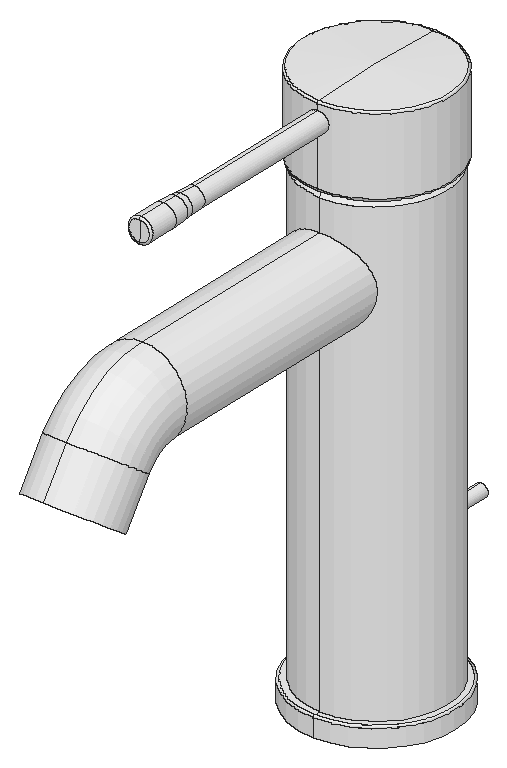
Revit family "Faucet-Lavatory-Grohe-Essence_New-23592_Series", category Plumbing Fixtures, Revit 2014
Parameters (values of type "23592001")
  cUPC Compliant = yes
  Width = 7 7/8"  # constant formula
  Waste Connection = no
  Warranty Documentation Link = "https://cdn.cloud.grohe.com/tpi/1000/1900/1940/1949/1949006/original/1949006.pdf"
  WFU = 0
  Vent Connection = no
  URL = "http://www.grohe.com/ca-en/"
  Shipping Weight = 3.17 lbf
  Product Page URL = "https://www.grohe.com/ca-en/32124/bathroom/bathroom-faucets/essence-new/product-details/?product=23592-G412&color=001&material=23592001"
  Price = "Prices may vary. Please consult Manufacturer Representative for most up-to-date price list."  # constant formula
  Model = "23592001"
  Material = "Metal-Grohe-001-Chrome"
  Manufacturer = "Grohe"
  Length = 4 9/16"  # constant formula
  Installation Type = "Deck-Mounted"
  Hot Water Connection Diameter = 3/8"
  Height = 6 7/8"  # constant formula
  HWFU = 1.5
  HW Connection = yes
  Flow Rate = "1.5 gpm (5.7 L/min)"
  Finish = Metal-Grohe-001-Chrome
  Description = "Essence Single-lever basin mixer S-Size"  # constant formula
  Default Elevation = 0"
  Creation Date = "1/31/2017"  # constant formula
  Cold Water Connection Diameter = 3/8"
  CWFU = 1.5
  CW Connection = yes
  Assembly Code = "D2020300"
  ADA Compliant = yes
Types (5): name | Shipping Weight | Product Page URL | Model | Material | Flow Rate | Finish
  (no name) | 3.17 lbf | "https://www.grohe.com/ca-en/32124/bathroom/bathroom-faucets/essence-new/product-details/?product=23592-G412&color=001&material=23592001" | "23592001" | "Metal-Grohe-001-Chrome" | "1.5 gpm (5.7 L/min)" | Metal-Grohe-001-Chrome
  23592001 | 3.17 lbf | "https://www.grohe.com/ca-en/32124/bathroom/bathroom-faucets/essence-new/product-details/?product=23592-G412&color=001&material=23592001" | "23592001" | "Metal-Grohe-001-Chrome" | "1.5 gpm (5.7 L/min)" | Metal-Grohe-001-Chrome
  2359200A | 3.17 lbf | "https://www.grohe.com/ca-en/32124/bathroom/bathroom-faucets/essence-new/product-details/?product=23592-G412&color=00A&material=2359200A" | "2359200A" | "Metal-Grohe-00A-Chrome" | "1.2 gpm (4.56 L/min)" | Metal-Grohe-00A-Chrome
  23592EN1 | 3.51 lbf | "https://www.grohe.com/ca-en/32124/bathroom/bathroom-faucets/essence-new/product-details/?product=23592-G412&color=EN1&material=23592EN1" | "23592EN1" | "Metal-Grohe-EN1-Brushed Nickel" | "1.5 gpm (5.7 L/min)" | Metal-Grohe-EN1-Brushed Nickel
  23592ENA | 3.51 lbf | "https://www.grohe.com/ca-en/32124/bathroom/bathroom-faucets/essence-new/product-details/?product=23592-G412&color=ENA&material=23592ENA" | "23592ENA" | "Metal-Grohe-ENA-Brushed Nickel" | "1.2 gpm (4.56 L/min)" | Metal-Grohe-ENA-Brushed Nickel
Reference planes (in)
  plane 1 "Center (Front/Back)": y = 0
  plane 2: z = 0
  plane 3 "Center (Left/Right)": x = 0
  plane 4: x = -0.9375
  plane 5: x = 0.9375
  plane 6: z = 1.55635
  plane 7: z = 6.875
  plane 8: z = 4
  plane 9: y = -4.5625
  plane 10: through (0, -4.5625, 4) normal (0, -0.8192, 0.5736)
  plane 11: z = 4.86194
Forms (in)
  Sweep 1, solid, material "Metal-Grohe-001-Chrome" <- "Finish"
    path origin (0, 0.35937, 0.34375) x (0, 1, 0) y (0, 0, 1)
      loop
        line (1.21055, 1.2126) -> (0.76382, 1.2126)
        arc (0.76382, 1.2126) -> (0.65784, 1.17918) -> (0.5902, 1.09102) r 0.18477
        line (0.5902, 1.09102) -> (0.15396, -0.10753)
    profile origin (0, 1.34656, 1.55635) x (0, 0, -1) y (1, 0, 0)
      loop
        circle (0, 0) r 0.07813
  Revolve 2, solid, material "Metal-Grohe-001-Chrome" <- "Finish"
    sketch origin (0, 0, 0) x (0, 1, 0) y (0, 0, 1)
      loop
        line (0.94466, 0) -> (0.94466, 0.21429)
        arc (0.94466, 0.21429) -> (0.93824, 0.2298) -> (0.92273, 0.23622) r 0.02193
        line (0.92273, 0.23622) -> (0.84646, 0.23622) -> (0.84646, 5.77008)
        arc (0.84646, 5.77008) -> (0.81858, 5.81389) -> (0.7882, 5.856) r 0.89139
        line (0.7882, 5.856) -> (0.86458, 5.856)
        arc (0.86458, 5.856) -> (0.8796, 5.86222) -> (0.88583, 5.87725) r 0.02125
        line (0.88583, 5.87725) -> (0.88583, 6.79573)
        arc (0.88583, 6.79573) -> (0.87947, 6.8119) -> (0.86381, 6.8194) r 0.02373
        arc (0.86381, 6.8194) -> (0.43218, 6.84285) -> (0, 6.8508) r 12.0472
        line (0, 6.8508) -> (0, 0) -> (0.94466, 0)
      axis (0, 6.8508) -> (0, 0)
    angle from 0 to 360
  Revolve 3, solid, material "Metal-Grohe-001-Chrome" <- "Finish"
    sketch origin (0, 0, 0) x (0, 1, 0) y (0, 0, 1)
      loop
        line (-3.56299, 6.60469) -> (-3.56299, 6.48028)
        arc (-3.56299, 6.48028) -> (-3.5568, 6.46534) -> (-3.54186, 6.45915) r 0.02113
        line (-3.54186, 6.45915) -> (-3.1981, 6.45915)
        arc (-3.1981, 6.45915) -> (-3.10766, 6.46112) -> (-3.0174, 6.46704) r 2.07338
        line (-3.0174, 6.46704) -> (-2.93648, 6.47412)
        arc (-2.93648, 6.47412) -> (-2.83635, 6.48068) -> (-2.73603, 6.48287) r 2.29989
        line (-2.73603, 6.48287) -> (-0.47109, 6.48287) -> (-0.47109, 6.60469) -> (-3.56299, 6.60469)
      axis (-3.56299, 6.60469) -> (-0.47109, 6.60469)
    angle from 0 to 360
  Extrusion 4, solid, material "Metal-Grohe-001-Chrome" <- "Finish"
    sketch origin (0, 0, 0) x (1, 0, 0) y (0, 1, 0)
      loop
        circle (-0.32883, 0) r 0.1875
      loop
        circle (0.32883, 0) r 0.1875
    from 0 to 1.64416
  Sweep 5, solid, material "Metal-Grohe-001-Chrome" <- "Finish"
    path origin (0, 0, 0) x (0, 1, 0) y (0, 0, 1)
      loop
        line (0, 4.86194) -> (-3.51292, 4.86194)
        arc (-3.51292, 4.86194) -> (-3.90856, 4.76513) -> (-4.2148, 4.49657) r 0.85684
        line (-4.2148, 4.49657) -> (-4.5625, 4)
    profile origin (0, -1.75646, 4.86194) x (0, 0, -1) y (1, 0, 0)
      loop
        circle (0, 0) r 0.532
Cuts and joins
  joined: Sweep 1, Revolve 2, Revolve 3, Extrusion 4, Sweep 5
Lines and regions (in)
  Masking region 1
    outline origin (0, 0, 0) x (1, 0, 0) y (0, 1, 0)
      loop
        arc (0.5308, -0.77276) -> (0.90618, 0.24031) -> (0.07813, 0.93424) r 0.9375
        line (0.07813, 0.93424) -> (0.07813, 1.56992) -> (-0.07812, 1.56992) -> (-0.07812, 0.93424)
        arc (-0.07812, 0.93424) -> (-0.90618, 0.24031) -> (-0.5308, -0.77276) r 0.9375
        line (-0.5308, -0.77276) -> (-0.5308, -4.60747)
        arc (-0.5308, -4.60747) -> (0, -5.00929) -> (0.5308, -4.60747) r 0.5515
        line (0.5308, -4.60747) -> (0.5308, -0.77276)
  symbolic lines, detail levels medium+fine
    curve 1: line (-0.07812, 0.84284, 0) -> (-0.07812, 0.93424, 0)
    curve 2: line (0.07812, 0.84284, 0) -> (0.07812, 0.93424, 0)
    curve 3: arc (0.12187, -0.83764, 0) -> (0.84617, 0.02203, 0) -> (0.07812, 0.84284, 0) r 0.84646
    curve 4: line (-0.12187, -2.69652, 0) -> (-0.12187, -0.83764, 0)
    curve 5: line (-0.14274, -3.54534, 0) -> (-0.14274, -3.17226, 0)
    curve 6: arc (-0.14274, -3.17226, 0) -> (-0.13927, -3.03942, 0) -> (-0.12884, -2.90695, 0) r 2.53818
    curve 7: arc (-0.12884, -2.90695, 0) -> (-0.12361, -2.80179, 0) -> (-0.12187, -2.69652, 0) r 3.17964
    curve 8: arc (-0.1251, -3.56299, 0) -> (-0.13757, -3.55782, 0) -> (-0.14274, -3.54534, 0) r 0.01765
    curve 9: line (0.12187, -2.69652, 0) -> (0.12187, -0.83764, 0)
    curve 10: line (0.14274, -3.54534, 0) -> (0.14274, -3.17226, 0)
    curve 11: arc (0.14274, -3.17226, 0) -> (0.13927, -3.03942, 0) -> (0.12884, -2.90695, 0) r 2.53818
    curve 12: arc (0.12884, -2.90695, 0) -> (0.12361, -2.80179, 0) -> (0.12187, -2.69652, 0) r 3.17964
    curve 13: line (-0.1251, -3.56299, 0) -> (0.1251, -3.56299, 0)
    curve 14: arc (0.1251, -3.56299, 0) -> (0.13757, -3.55782, 0) -> (0.14274, -3.54534, 0) r 0.01765
    curve 15: arc (0.07812, 0.84284, 0) -> (0, 0.84646, 0) -> (-0.07812, 0.84284, 0) r 0.84646
    curve 16: arc (-0.07812, 0.84284, 0) -> (-0.84617, 0.02203, 0) -> (-0.12187, -0.83764, 0) r 0.84646
    curve 18: line (-0.5308, -0.77276, 0) -> (-0.5308, -0.65935, 0)
    curve 19: line (0.5308, -0.77276, 0) -> (0.5308, -0.65935, 0)
  symbolic lines, detail levels fine
    curve 17: arc (-0.12187, -0.83764, 0) -> (0, -0.84646, 0) -> (0.12187, -0.83764, 0) r 0.84646
Dimensions and locks (in)
  equal spacing: plane 4, plane 3 "Center (Left/Right)", plane 5
  locked: plane 4 to plane 5 at 1.875
  "Height": plane 7 to level
  plane 1 "Center (Front/Back)" to plane 9 = 4 9/16"
  locked: plane 8 to level at 4
  "Hot Water Connection Diameter": diameter of Extrusion 4 sketch curve
  "Cold Water Connection Diameter": diameter of Extrusion 4 sketch curve
  angle plane 9 to plane 10 = 35.00°
  aligned and locked: plane 6 to Sweep 1 sketch curve
Automatic sketch dimensions
  Sweep 1 sketch curve to plane 3 "Center (Left/Right)" = 0"
  Sweep 1 sketch curve to profile plane = 0"
  Revolve 2 sketch curve to plane 1 "Center (Front/Back)" = 0"  (x2)
  Revolve 2 sketch curve to level = 0"
  plane 1 "Center (Front/Back)" to Revolve 2 sketch curve = 0.00539"
  Revolve 2 sketch curve to plane 1 "Center (Front/Back)" = 0.08079"
  Revolve 2 sketch curve to Revolve 2 sketch curve = 0.05825"
  Revolve 2 sketch curve to Revolve 2 sketch curve = 0.07637"
  Revolve 2 sketch curve to Revolve 2 sketch curve = 0.02373"
  Revolve 2 sketch curve to Revolve 2 sketch curve = 0.07627"
  Revolve 2 sketch curve to Revolve 2 sketch curve = 0.02193"
  Revolve 2 sketch curve to level = 5.1964"
  level to Revolve 2 sketch curve = 0.21429"
  Revolve 2 sketch curve to Revolve 2 sketch curve = 0.31058"
  Revolve 2 sketch curve to Revolve 2 sketch curve = 1/4"
  Revolve 3 sketch curve to Revolve 3 sketch curve = 0.02113"
  Revolve 3 sketch curve to Revolve 3 sketch curve = 11/32"
  Revolve 3 sketch curve to Revolve 3 sketch curve = 0.18071"
  Revolve 3 sketch curve to Revolve 3 sketch curve = 0.08092"
  plane 1 "Center (Front/Back)" to Revolve 3 sketch curve = 0.47109"
  Revolve 3 sketch curve to Revolve 3 sketch curve = 0.12612"
  Revolve 3 sketch curve to Revolve 3 sketch curve = 0.17382"
  Revolve 3 sketch curve to Revolve 3 sketch curve = 0"
  plane 6 to Sweep 1 sketch curve = 0.12157"
  plane 6 to Sweep 1 sketch curve = 0.18477"
  Sweep 1 sketch curve to Sweep 1 sketch curve = 0.44672"
  level to Sweep 1 sketch curve = 0.23622"
  curve 3 to curve 15 = 0"
  curve 3 to curve 16 = 0"  (x2)
  curve 15 to curve 16 = 0"
  curve 16 to curve 17 = 0"
  plane 1 "Center (Front/Back)" to curve 3 = 0"
  curve 3 to plane 3 "Center (Left/Right)" = 0"
  curve 1 to plane 3 "Center (Left/Right)" = 5/64"
  curve 4 to plane 3 "Center (Left/Right)" = 0.12187"
  curve 13 to plane 3 "Center (Left/Right)" = 0.1251"
  curve 5 to curve 8 = 0.01765"
  plane 3 "Center (Left/Right)" to curve 2 = 5/64"
  plane 3 "Center (Left/Right)" to curve 9 = 0.12187"
  plane 3 "Center (Left/Right)" to curve 13 = 0.1251"
  plane 3 "Center (Left/Right)" to curve 10 = 0.14274"
  curve 4 to curve 9 = 0"
  curve 10 to curve 12 = 0.47573"
  curve 5 to curve 11 = 0"
  curve 8 to curve 6 = 0.37309"
  curve 18 to plane 4 = 0.4067"
  curve 19 to plane 5 = 0.4067"
  curve 9 to curve 19 = 0.17829"
  curve 18 to curve 18 = 0.11341"
  curve 19 to curve 19 = 0.11341"
  curve 1 to curve 1 = 0.0914"
  curve 2 to curve 2 = 0.0914"
  plane 4 to curve 11 = 1.45793"
  curve 7 to curve 11 = 0.90608"
  plane 5 to curve 6 = 1.45793"
  curve 6 to curve 12 = 0.90608"
  Sweep 1 sketch curve to plane 1 "Center (Front/Back)" = 0.94957"
  Sweep 1 sketch curve to plane 1 "Center (Front/Back)" = 0.51334"
  Revolve 2 sketch curve to plane 1 "Center (Front/Back)" = 0.86209"
  plane 1 "Center (Front/Back)" to Extrusion 4 sketch curve = 0"  (x2)
  Extrusion 4 sketch curve to plane 3 "Center (Left/Right)" = 0.32883"
  plane 3 "Center (Left/Right)" to Extrusion 4 sketch curve = 0.32883"
  plane 1 "Center (Front/Back)" to curve 12 = 2.69652"
  Revolve 2 sketch curve to Revolve 2 sketch curve = 0.09762"
  Revolve 2 sketch curve to Revolve 2 sketch curve = 0.45643"
  Revolve 2 sketch curve to Revolve 2 sketch curve = 0.91848"
  Revolve 2 sketch curve to Revolve 2 sketch curve = 0.05507"
  Revolve 3 sketch curve to Revolve 3 sketch curve = 2.13882"
  Revolve 3 sketch curve to Revolve 3 sketch curve = 0.20045"
  Revolve 3 sketch curve to Revolve 3 sketch curve = 2.27617"
  Revolve 3 sketch curve to Revolve 3 sketch curve = 0.00789"
  Revolve 3 sketch curve to Revolve 3 sketch curve = 0.00708"
  Revolve 3 sketch curve to Revolve 3 sketch curve = 0.12441"
  Revolve 2 sketch curve to Revolve 2 sketch curve = 5.07744"
  level to Revolve 3 sketch curve = 4.18298"
  Sweep 5 sketch curve to plane 8 = 0"
  Sweep 5 sketch curve to plane 9 = 0"
  Sweep 5 sketch curve to plane 10 = 0"
  Sweep 5 sketch curve to plane 11 = 0"
  Sweep 5 sketch curve to plane 1 "Center (Front/Back)" = 0"
  Sweep 5 sketch curve to plane 9 = 0.3477"
  plane 8 to Sweep 5 sketch curve = 0.0051"
  Sweep 5 sketch curve to plane 3 "Center (Left/Right)" = 0"
  Sweep 5 sketch curve to profile plane = 0"
  Masking region 1 sketch curve to Masking region 1 sketch curve = 0"  (x2)
  plane 1 "Center (Front/Back)" to Masking region 1 sketch curve = 0"
  Masking region 1 sketch curve to plane 3 "Center (Left/Right)" = 0"  (x2)
  Masking region 1 sketch curve to plane 3 "Center (Left/Right)" = 5/64"
  plane 3 "Center (Left/Right)" to Masking region 1 sketch curve = 5/64"
  Masking region 1 sketch curve to plane 9 = 0.10471"
  plane 1 "Center (Front/Back)" to Masking region 1 sketch curve = 0.77276"  (x2)
  Masking region 1 sketch curve to Masking region 1 sketch curve = 0.63568"
  plane 9 to Masking region 1 sketch curve = 0.04497"  (x2)
  Masking region 1 sketch curve to plane 4 = 0.4067"
  radius of Sweep 1 sketch curve = 5/64"
  radius of Sweep 5 sketch curve = 0.532"
Connectors (in)
  piping at (-0.32883, 0, 0), diameter 0.375, driven by "HWFU", driven by "Hot Water Connection Diameter"
    settings: on Extrusion 4, index 1, connector inside diameter 24", connector length 0", flow factor 0, pipe flow 0 GPM, pressure drop 0.00 psi, fitting loss kfactor 0, connector angle 0.00°, fixture units 1.5, engagement length 0", angle of deflection 0.00°, flow configuration 3, flow direction 1, fitting loss method 0, system type 19, joint type 0, gender type 0, connector reference index -1, connector utility 0, adjustable connector no, is connector primary yes, connector description "3/8\" NPT HW Inlet"
  piping at (0.32883, 0, 0), diameter 0.375, driven by "CWFU", driven by "Cold Water Connection Diameter"
    settings: on Extrusion 4, index 2, connector inside diameter 24", connector length 0", flow factor 0, pipe flow 0 GPM, pressure drop 0.00 psi, fitting loss kfactor 0, connector angle 0.00°, fixture units 1.5, engagement length 0", angle of deflection 0.00°, flow configuration 3, flow direction 1, fitting loss method 0, system type 20, joint type 0, gender type 0, connector reference index -1, connector utility 0, adjustable connector no, is connector primary no, connector description "3/8\" NPT CW Inlet"
